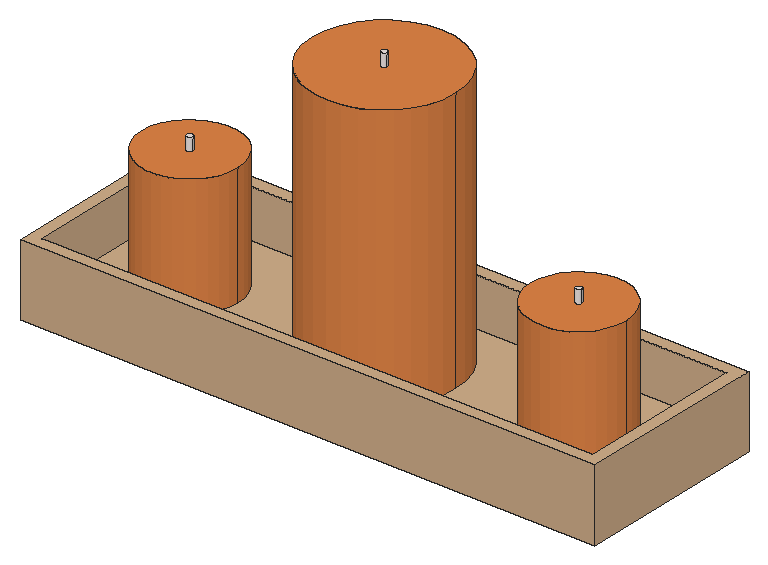
Revit family
Parameters
  Wick = Wick
  Tray = Wood, Cherry
  Subcategory = "Home Decor"
  SmartBIM Object Version = 3  # constant formula
  SmartBIM Object Created By = "Reed Construction Data"  # constant formula
  Manufacturer = ""
  Default Elevation = 0' - 0"  # constant formula
  Candle = Wax, Orange
  Assembly Code = "E1090400"
  95 CSI = ""
  04 CSI = ""
Reference planes (in)
  plane 1 "Center (Front/Back)": y = 0
  plane 2: z = 0
  plane 3 "Center (Left/Right)": x = 0.5
  plane 4 "Back": y = 2
  plane 5 "Front": y = -2
  plane 6 "Left": x = -5.5
  plane 7 "Right": x = 6.5
  plane 8 "Top": z = 23
  plane 9 "Center (Up/Down)": z = 11.5
  plane 10: z = 0.48555
  plane 11: z = 1.5
  plane 12: z = 3
  plane 13: z = 6
Forms (in)
  Extrusion 1, solid, material "Wood, Cherry" <- "Tray"
    sketch origin (0, 0, 0) x (1, 0, 0) y (0, 1, 0)
      loop
        line (-5.5, 2) -> (-5.5, -2) -> (6.5, -2) -> (6.5, 2) -> (-5.5, 2)
    from 0 to 0.48555
  Extrusion 2, solid, material "Wood, Cherry" <- "Tray"
    sketch origin (0, 0, 0) x (1, 0, 0) y (0, 1, 0)
      loop
        line (-5.5, 2) -> (-5.5, -2) -> (6.5, -2) -> (6.5, 2) -> (-5.5, 2)
      loop
        line (6.25, 1.75) -> (-5.25, 1.75) -> (-5.25, -1.75) -> (6.25, -1.75) -> (6.25, 1.75)
    from 0.48555 to 1.5
  Extrusion 3, solid, material "Wax, Orange" <- "Candle"
    sketch origin (0, 0, 0) x (1, 0, 0) y (0, 1, 0)
      loop
        circle (4.55804, 0) r 1
      loop
        circle (-3.55804, 0) r 1
    from 0.48555 to 3
  Extrusion 4, solid, material "Wax, Orange" <- "Candle"
    sketch origin (0, 0, 0) x (1, 0, 0) y (0, 1, 0)
      loop
        circle (0.5, 0) r 1.5
    from 0.48555 to 6
  Extrusion 5, solid, material "Wick" <- "Wick"
    sketch origin (0, 0, 0) x (1, 0, 0) y (0, 1, 0)
      loop
        circle (0.5, 0) r 0.0625
    from 6 to 6.25
  Extrusion 6, solid, material "Wick" <- "Wick"
    sketch origin (-4.05804, 0, -3) x (1, 0, 0) y (0, 1, 0)
      loop
        circle (0.5, 0) r 0.0625
    from 6 to 6.25
  Extrusion 7, solid, material "Wick" <- "Wick"
    sketch origin (4.05804, 0, -3) x (1, 0, 0) y (0, 1, 0)
      loop
        circle (0.5, 0) r 0.0625
    from 6 to 6.25
Cuts and joins
  joined: Extrusion 1, Extrusion 2
Dimensions and locks (in)
  equal spacing: plane 6 "Left", plane 3 "Center (Left/Right)", plane 7 "Right"
  locked: plane 6 "Left" to plane 7 "Right" at 12
  equal spacing: plane 4 "Back", plane 1 "Center (Front/Back)", plane 5 "Front"
  locked: plane 4 "Back" to plane 5 "Front" at 4
  locked: plane 8 "Top" to plane 2 at 23
  equal spacing: plane 8 "Top", plane 9 "Center (Up/Down)", level
  locked: plane 10 to level at 0.48555
  plane 11 to level = 0' - 1 1/2"
  plane 12 to level = 0' - 3"
  locked: plane 13 to level at 6
  aligned and locked: plane 10 to Extrusion 1
  aligned and locked: Extrusion 2 to Extrusion 1
  aligned and locked: plane 11 to Extrusion 2
  aligned and locked: Extrusion 3 to plane 10
  aligned and locked: plane 12 to Extrusion 3
  aligned and locked: plane 13 to Extrusion 4
  aligned and locked: Extrusion 5 to plane 13
  aligned and locked: Extrusion 4 to plane 10
Automatic sketch dimensions
  Extrusion 1 sketch curve to plane 5 "Front" = 0' - 0"
  Extrusion 1 sketch curve to plane 6 "Left" = 0' - 0"
  Extrusion 1 sketch curve to plane 7 "Right" = 0' - 0"
  Extrusion 1 sketch curve to plane 4 "Back" = 0' - 0"
  Extrusion 2 sketch curve to plane 5 "Front" = 0' - 0"
  Extrusion 2 sketch curve to plane 6 "Left" = 0' - 0"
  Extrusion 2 sketch curve to plane 4 "Back" = 0' - 0"
  Extrusion 2 sketch curve to plane 7 "Right" = 0' - 0"
  plane 6 "Left" to Extrusion 2 sketch curve = 0' - 0 1/4"
  Extrusion 2 sketch curve to plane 7 "Right" = 0' - 0 1/4"
  plane 5 "Front" to Extrusion 2 sketch curve = 0' - 0 1/4"
  Extrusion 2 sketch curve to plane 4 "Back" = 0' - 0 1/4"
  Extrusion 3 sketch curve to plane 1 "Center (Front/Back)" = 0' - 0"  (x2)
  plane 6 "Left" to Extrusion 3 sketch curve = 0' - 1.94196"
  Extrusion 3 sketch curve to plane 7 "Right" = 0' - 1.94196"
  Extrusion 4 sketch curve to plane 1 "Center (Front/Back)" = 0' - 0"
  Extrusion 4 sketch curve to plane 3 "Center (Left/Right)" = 0' - 0"
  Extrusion 5 sketch curve to plane 1 "Center (Front/Back)" = 0' - 0"
  Extrusion 5 sketch curve to plane 3 "Center (Left/Right)" = 0' - 0"
  Extrusion 6 sketch curve to plane 1 "Center (Front/Back)" = 0' - 0"
  plane 6 "Left" to Extrusion 6 sketch curve = 0' - 1.94196"
  Extrusion 7 sketch curve to plane 1 "Center (Front/Back)" = 0' - 0"
  Extrusion 7 sketch curve to plane 7 "Right" = 0' - 1.94196"
  radius of Extrusion 3 sketch curve = 0' - 1"  (x2)
  radius of Extrusion 4 sketch curve = 0' - 1 1/2"
  radius of Extrusion 5 sketch curve = 0' - 0 1/16"
  radius of Extrusion 6 sketch curve = 0' - 0 1/16"
  radius of Extrusion 7 sketch curve = 0' - 0 1/16"
